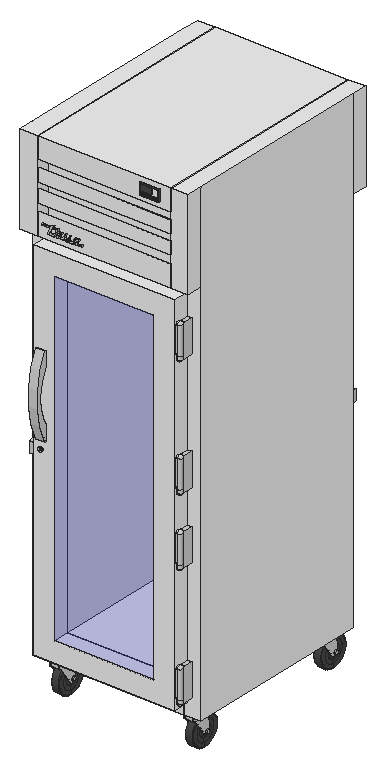
Revit family (continued)
Automatic sketch dimensions
  Extrusion 9 sketch curve to Extrusion 9 sketch curve = 0.43503"
  Extrusion 9 sketch curve to Extrusion 9 sketch curve = 0.20453"
  Extrusion 9 sketch curve to Extrusion 9 sketch curve = 1.42294"
  Extrusion 9 sketch curve to plane 5 "TOP" = 19.57271"
  Extrusion 9 sketch curve to Extrusion 9 sketch curve = 4.39928"
  Extrusion 9 sketch curve to Extrusion 9 sketch curve = 0.71221"
  Revolve 10 sketch curve to plane 4 "FRONT" = 0.26521"  (x2)
  Revolve 10 sketch curve to Revolve 10 sketch curve = 0.38242"
  Revolve 10 sketch curve to Revolve 10 sketch curve = 0.38436"
  Revolve 10 sketch curve to plane 4 "FRONT" = 43/64"
  Revolve 10 sketch curve to Revolve 10 sketch curve = 0.40666"
  Revolve 10 sketch curve to Revolve 10 sketch curve = 0"
  Revolve 10 sketch curve to plane 5 "TOP" = 18.75492"
  Revolve 10 sketch curve to Revolve 10 sketch curve = 0.55526"
  Revolve 10 sketch curve to Revolve 10 sketch curve = 0.19474"
  Revolve 10 sketch curve to Revolve 10 sketch curve = 0.14649"
  Revolve 10 sketch curve to Revolve 10 sketch curve = 4.42889"
  Revolve 10 sketch curve to Revolve 10 sketch curve = 0.05342"
  Revolve 10 sketch curve to Revolve 10 sketch curve = 0.51246"
  Revolve 10 sketch curve to Revolve 10 sketch curve = 0.05889"
  Extrusion 11 sketch curve to plane 3 "RIGHT" = 1.88366"
  Extrusion 11 sketch curve to Extrusion 11 sketch curve = 0.39759"
  Extrusion 11 sketch curve to plane 5 "TOP" = 19.6514"
  Extrusion 11 sketch curve to Extrusion 11 sketch curve = 4.47281"
  Extrusion 12 sketch curve to plane 4 "FRONT" = 11/16"
  Extrusion 12 sketch curve to Extrusion 12 sketch curve = 0.43503"
  Extrusion 12 sketch curve to Extrusion 12 sketch curve = 0.20453"
  Extrusion 12 sketch curve to Extrusion 12 sketch curve = 1.42294"
  plane 6 to Extrusion 12 sketch curve = 38.92729"
  Extrusion 12 sketch curve to Extrusion 12 sketch curve = 4.39928"
  Extrusion 12 sketch curve to Extrusion 12 sketch curve = 0.71221"
  Revolve 13 sketch curve to plane 4 "FRONT" = 0.26521"  (x2)
  Revolve 13 sketch curve to Revolve 13 sketch curve = 0.38242"
  Revolve 13 sketch curve to Revolve 13 sketch curve = 0.38436"
  Revolve 13 sketch curve to plane 4 "FRONT" = 43/64"
  Revolve 13 sketch curve to Revolve 13 sketch curve = 0.40666"
  Revolve 13 sketch curve to Revolve 13 sketch curve = 0"
  Revolve 13 sketch curve to plane 5 "TOP" = 38.25492"
  Revolve 13 sketch curve to Revolve 13 sketch curve = 0.55526"
  Revolve 13 sketch curve to Revolve 13 sketch curve = 0.19474"
  Revolve 13 sketch curve to Revolve 13 sketch curve = 0.14649"
  Revolve 13 sketch curve to Revolve 13 sketch curve = 4.42889"
  Revolve 13 sketch curve to Revolve 13 sketch curve = 0.05342"
  Revolve 13 sketch curve to Revolve 13 sketch curve = 0.51246"
  Revolve 13 sketch curve to Revolve 13 sketch curve = 0.05889"
  Extrusion 14 sketch curve to plane 3 "RIGHT" = 1.88366"
  Extrusion 14 sketch curve to Extrusion 14 sketch curve = 0.39759"
  plane 6 to Extrusion 14 sketch curve = 38.8486"
  Extrusion 14 sketch curve to Extrusion 14 sketch curve = 4.47281"
  Extrusion 15 sketch curve to plane 4 "FRONT" = 11/16"
  Extrusion 15 sketch curve to Extrusion 15 sketch curve = 0.43503"
  Extrusion 15 sketch curve to Extrusion 15 sketch curve = 0.20453"
  Extrusion 15 sketch curve to Extrusion 15 sketch curve = 1.42294"
  plane 6 to Extrusion 15 sketch curve = 27.92729"
  Extrusion 15 sketch curve to Extrusion 15 sketch curve = 4.39928"
  Extrusion 15 sketch curve to Extrusion 15 sketch curve = 0.71221"
  Revolve 16 sketch curve to plane 4 "FRONT" = 0.26521"  (x2)
  Revolve 16 sketch curve to Revolve 16 sketch curve = 0.38242"
  Revolve 16 sketch curve to Revolve 16 sketch curve = 0.38436"
  Revolve 16 sketch curve to plane 4 "FRONT" = 43/64"
  Revolve 16 sketch curve to Revolve 16 sketch curve = 0.40666"
  Revolve 16 sketch curve to Revolve 16 sketch curve = 0"
  plane 6 to Revolve 16 sketch curve = 28.74508"
  Revolve 16 sketch curve to Revolve 16 sketch curve = 0.55526"
  Revolve 16 sketch curve to Revolve 16 sketch curve = 0.19474"
  Revolve 16 sketch curve to Revolve 16 sketch curve = 0.14649"
  Revolve 16 sketch curve to Revolve 16 sketch curve = 4.42889"
  Revolve 16 sketch curve to Revolve 16 sketch curve = 0.05342"
  Revolve 16 sketch curve to Revolve 16 sketch curve = 0.51246"
  Revolve 16 sketch curve to Revolve 16 sketch curve = 0.05889"
  Extrusion 17 sketch curve to plane 3 "RIGHT" = 1.88366"
  Extrusion 17 sketch curve to Extrusion 17 sketch curve = 0.39759"
  plane 6 to Extrusion 17 sketch curve = 27.8486"
  Extrusion 17 sketch curve to Extrusion 17 sketch curve = 4.47281"
  Extrusion 18 sketch curve to plane 4 "FRONT" = 11/16"
  Extrusion 18 sketch curve to Extrusion 18 sketch curve = 0.43503"
  Extrusion 18 sketch curve to Extrusion 18 sketch curve = 0.20453"
  Extrusion 18 sketch curve to Extrusion 18 sketch curve = 1.42294"
  plane 6 to Extrusion 18 sketch curve = 8.17729"
  plane 6 to Extrusion 18 sketch curve = 3.57348"
  Extrusion 18 sketch curve to Extrusion 18 sketch curve = 0.71221"
  Revolve 19 sketch curve to plane 4 "FRONT" = 0.26521"  (x2)
  Revolve 19 sketch curve to Revolve 19 sketch curve = 0.38242"
  Revolve 19 sketch curve to Revolve 19 sketch curve = 0.38436"
  Revolve 19 sketch curve to plane 4 "FRONT" = 43/64"
  Revolve 19 sketch curve to Revolve 19 sketch curve = 0.40666"
  Revolve 19 sketch curve to Revolve 19 sketch curve = 0"
  plane 6 to Revolve 19 sketch curve = 8.99508"
  Revolve 19 sketch curve to Revolve 19 sketch curve = 0.55526"
  Revolve 19 sketch curve to Revolve 19 sketch curve = 0.19474"
  Revolve 19 sketch curve to Revolve 19 sketch curve = 0.14649"
  plane 6 to Revolve 19 sketch curve = 3.62689"
  Revolve 19 sketch curve to Revolve 19 sketch curve = 0.05342"
  Revolve 19 sketch curve to Revolve 19 sketch curve = 0.51246"
  Revolve 19 sketch curve to Revolve 19 sketch curve = 0.05889"
  Extrusion 20 sketch curve to plane 3 "RIGHT" = 1.88366"
  Extrusion 20 sketch curve to Extrusion 20 sketch curve = 0.39759"
  plane 6 to Extrusion 20 sketch curve = 8.0986"
  plane 6 to Extrusion 20 sketch curve = 3.62579"
  Revolve 21 sketch curve to plane 3 "RIGHT" = 4.35148"
  Revolve 21 sketch curve to Revolve 21 sketch curve = 0.48273"
  Revolve 21 sketch curve to Revolve 21 sketch curve = 0.4"
  Revolve 21 sketch curve to Revolve 21 sketch curve = 0"  (x2)
  Revolve 21 sketch curve to Revolve 21 sketch curve = 0.1"  (x2)
  Revolve 21 sketch curve to Revolve 21 sketch curve = 0.16101"
  Revolve 21 sketch curve to Revolve 21 sketch curve = 0.75408"
  Revolve 21 sketch curve to Revolve 21 sketch curve = 0.92798"
  Revolve 21 sketch curve to Revolve 21 sketch curve = 0.06101"
  Revolve 21 sketch curve to Revolve 21 sketch curve = 1/2"
  Revolve 21 sketch curve to Revolve 21 sketch curve = 0.16509"
  Revolve 21 sketch curve to Revolve 21 sketch curve = 0.39592"
  level to Revolve 21 sketch curve = 2 1/2"
  Revolve 21 sketch curve to Revolve 21 sketch curve = 0.29941"  (x2)
  Revolve 21 sketch curve to Revolve 21 sketch curve = 3/4"  (x4)
  Revolve 21 sketch curve to Revolve 21 sketch curve = 0.59652"
  Revolve 21 sketch curve to Revolve 21 sketch curve = 0.60059"
  Extrusion 22 sketch curve to plane 6 = 0.63926"  (x2)
  Extrusion 22 sketch curve to plane 4 "FRONT" = 3.79864"
  Extrusion 22 sketch curve to Extrusion 22 sketch curve = 1/4"  (x2)
  level to Extrusion 22 sketch curve = 2.18736"  (x2)
  Extrusion 22 sketch curve to Extrusion 22 sketch curve = 1.7492"  (x2)
  Extrusion 22 sketch curve to Extrusion 22 sketch curve = 0.50669"  (x2)
  Extrusion 22 sketch curve to Extrusion 22 sketch curve = 2 1/2"  (x2)
  level to Extrusion 22 sketch curve = 2.59003"  (x2)
  Extrusion 22 sketch curve to Extrusion 22 sketch curve = 0.59966"  (x2)
  plane 7 to Extrusion 22 sketch curve = 6.6077"
  Extrusion 22 sketch curve to Extrusion 22 sketch curve = 0.60485"  (x2)
  Extrusion 23 sketch curve to plane 6 = 0.63926"  (x2)
  Extrusion 23 sketch curve to plane 4 "FRONT" = 3.79864"
  Extrusion 23 sketch curve to Extrusion 23 sketch curve = 1/4"  (x2)
  level to Extrusion 23 sketch curve = 2.18736"  (x2)
  Extrusion 23 sketch curve to Extrusion 23 sketch curve = 1.7492"  (x2)
  Extrusion 23 sketch curve to Extrusion 23 sketch curve = 0.50669"  (x2)
  Extrusion 23 sketch curve to Extrusion 23 sketch curve = 2 1/2"  (x2)
  level to Extrusion 23 sketch curve = 2.59003"  (x2)
  Extrusion 23 sketch curve to Extrusion 23 sketch curve = 0.59966"  (x2)
  plane 7 to Extrusion 23 sketch curve = 6.6077"
  Extrusion 23 sketch curve to Extrusion 23 sketch curve = 0.60485"  (x2)
  Revolve 24 sketch curve to plane 6 = 0"
  Revolve 24 sketch curve to plane 6 = 0.63926"
  Revolve 24 sketch curve to plane 3 "RIGHT" = 4.14082"
  Revolve 24 sketch curve to Revolve 24 sketch curve = 1.29707"
  Revolve 24 sketch curve to Revolve 24 sketch curve = 0"
  Revolve 24 sketch curve to Revolve 24 sketch curve = 0.09306"
  plane 6 to Revolve 24 sketch curve = 0.26768"
  Revolve 25 sketch curve to level = 0"
  Revolve 25 sketch curve to plane 6 = 0"
  Revolve 25 sketch curve to plane 3 "RIGHT" = 4.17713"
  level to Revolve 25 sketch curve = 1"
  Revolve 25 sketch curve to plane 3 "RIGHT" = 3 19/32"
  Revolve 25 sketch curve to Revolve 25 sketch curve = 1/4"
  Revolve 25 sketch curve to Revolve 25 sketch curve = 1/2"
  Revolve 25 sketch curve to Revolve 25 sketch curve = 0"
  Revolve 25 sketch curve to Revolve 25 sketch curve = 5/8"
  plane 6 to Revolve 25 sketch curve = 1 25/32"
  Revolve 26 sketch curve to level = 0"
  Revolve 26 sketch curve to plane 6 = 0"
  Revolve 26 sketch curve to plane 3 "RIGHT" = 4.17713"
  level to Revolve 26 sketch curve = 1"
  Revolve 26 sketch curve to plane 3 "RIGHT" = 3 19/32"
  Revolve 26 sketch curve to Revolve 26 sketch curve = 1/4"
  Revolve 26 sketch curve to Revolve 26 sketch curve = 1/2"
  Revolve 26 sketch curve to Revolve 26 sketch curve = 0"
  Revolve 26 sketch curve to Revolve 26 sketch curve = 5/8"
  plane 6 to Revolve 26 sketch curve = 1 25/32"
  Revolve 27 sketch curve to plane 6 = 0"
  Revolve 27 sketch curve to plane 6 = 0.63926"
  Revolve 27 sketch curve to plane 3 "RIGHT" = 4.14082"
  Revolve 27 sketch curve to Revolve 27 sketch curve = 1.29707"
  Revolve 27 sketch curve to Revolve 27 sketch curve = 0"
  Revolve 27 sketch curve to Revolve 27 sketch curve = 0.09306"
  plane 6 to Revolve 27 sketch curve = 0.26768"
  Extrusion 28 sketch curve to plane 6 = 0.63926"  (x2)
  Extrusion 28 sketch curve to plane 4 "FRONT" = 3.79864"
  Extrusion 28 sketch curve to Extrusion 28 sketch curve = 1/4"  (x2)
  Extrusion 28 sketch curve to Extrusion 28 sketch curve = 2 1/2"  (x2)
  Extrusion 28 sketch curve to plane 6 = 0.93273"  (x2)
  Extrusion 28 sketch curve to Extrusion 28 sketch curve = 0.03603"
  plane 7 to Extrusion 28 sketch curve = 6.6077"
  Extrusion 28 sketch curve to plane 6 = 1.24411"
  Revolve 29 sketch curve to plane 3 "RIGHT" = 4.35148"
  Revolve 29 sketch curve to Revolve 29 sketch curve = 0.48273"
  Revolve 29 sketch curve to Revolve 29 sketch curve = 0.4"
  Revolve 29 sketch curve to Revolve 29 sketch curve = 0"  (x2)
  Revolve 29 sketch curve to Revolve 29 sketch curve = 0.1"  (x2)
  Revolve 29 sketch curve to Revolve 29 sketch curve = 0.16101"
  Revolve 29 sketch curve to Revolve 29 sketch curve = 0.75408"
  Revolve 29 sketch curve to Revolve 29 sketch curve = 0.92798"
  Revolve 29 sketch curve to Revolve 29 sketch curve = 0.06101"
  Revolve 29 sketch curve to Revolve 29 sketch curve = 1/2"
  Revolve 29 sketch curve to Revolve 29 sketch curve = 0.16509"
  Revolve 29 sketch curve to Revolve 29 sketch curve = 0.39592"
  level to Revolve 29 sketch curve = 2 1/2"
  Revolve 29 sketch curve to Revolve 29 sketch curve = 0.29941"  (x2)
  Revolve 29 sketch curve to Revolve 29 sketch curve = 3/4"  (x4)
  Revolve 29 sketch curve to Revolve 29 sketch curve = 0.59652"
  Revolve 29 sketch curve to Revolve 29 sketch curve = 0.60059"
  plane 2 "LEFT" to Revolve 30 sketch curve = 1.33602"
  Revolve 30 sketch curve to Revolve 30 sketch curve = 0.48273"
  Revolve 30 sketch curve to Revolve 30 sketch curve = 0.4"
  Revolve 30 sketch curve to Revolve 30 sketch curve = 0"  (x2)
  Revolve 30 sketch curve to Revolve 30 sketch curve = 0.1"  (x2)
  Revolve 30 sketch curve to Revolve 30 sketch curve = 0.16101"
  Revolve 30 sketch curve to Revolve 30 sketch curve = 0.75408"
  Revolve 30 sketch curve to Revolve 30 sketch curve = 0.92798"
  Revolve 30 sketch curve to Revolve 30 sketch curve = 0.06101"
  Revolve 30 sketch curve to Revolve 30 sketch curve = 1/2"
  Revolve 30 sketch curve to Revolve 30 sketch curve = 0.16509"
  Revolve 30 sketch curve to Revolve 30 sketch curve = 0.39592"
  level to Revolve 30 sketch curve = 2 1/2"
  Revolve 30 sketch curve to Revolve 30 sketch curve = 0.29941"  (x2)
  Revolve 30 sketch curve to Revolve 30 sketch curve = 3/4"  (x4)
  Revolve 30 sketch curve to Revolve 30 sketch curve = 0.59652"
  Revolve 30 sketch curve to Revolve 30 sketch curve = 0.60059"
  Extrusion 31 sketch curve to plane 6 = 0.63926"  (x2)
  Extrusion 31 sketch curve to plane 4 "FRONT" = 3.79864"
  Extrusion 31 sketch curve to Extrusion 31 sketch curve = 1/4"  (x2)
  level to Extrusion 31 sketch curve = 2.18736"  (x2)
  Extrusion 31 sketch curve to Extrusion 31 sketch curve = 1.7492"  (x2)
  Extrusion 31 sketch curve to Extrusion 31 sketch curve = 0.50669"  (x2)
  Extrusion 31 sketch curve to Extrusion 31 sketch curve = 2 1/2"  (x2)
  level to Extrusion 31 sketch curve = 2.59003"  (x2)
  Extrusion 31 sketch curve to Extrusion 31 sketch curve = 0.59966"  (x2)
  plane 7 to Extrusion 31 sketch curve = 6.6077"
  Extrusion 31 sketch curve to Extrusion 31 sketch curve = 0.60485"  (x2)
  Extrusion 32 sketch curve to plane 6 = 0.63926"  (x2)
  Extrusion 32 sketch curve to plane 4 "FRONT" = 3.79864"
  Extrusion 32 sketch curve to Extrusion 32 sketch curve = 1/4"  (x2)
  level to Extrusion 32 sketch curve = 2.18736"  (x2)
  Extrusion 32 sketch curve to Extrusion 32 sketch curve = 1.7492"  (x2)
  Extrusion 32 sketch curve to Extrusion 32 sketch curve = 0.50669"  (x2)
  Extrusion 32 sketch curve to Extrusion 32 sketch curve = 2 1/2"  (x2)
  level to Extrusion 32 sketch curve = 2.59003"  (x2)
  Extrusion 32 sketch curve to Extrusion 32 sketch curve = 0.59966"  (x2)
  plane 7 to Extrusion 32 sketch curve = 6.6077"
  Extrusion 32 sketch curve to Extrusion 32 sketch curve = 0.60485"  (x2)
  Revolve 33 sketch curve to plane 6 = 0"
  Revolve 33 sketch curve to plane 6 = 0.63926"
  plane 2 "LEFT" to Revolve 33 sketch curve = 1.54668"
  Revolve 33 sketch curve to Revolve 33 sketch curve = 1.29707"
  Revolve 33 sketch curve to Revolve 33 sketch curve = 0"
  Revolve 33 sketch curve to Revolve 33 sketch curve = 0.09306"
  plane 6 to Revolve 33 sketch curve = 0.26768"
  Revolve 34 sketch curve to level = 0"
  Revolve 34 sketch curve to plane 6 = 0"
  plane 2 "LEFT" to Revolve 34 sketch curve = 1.51037"
  level to Revolve 34 sketch curve = 1"
  plane 2 "LEFT" to Revolve 34 sketch curve = 2 3/32"
  Revolve 34 sketch curve to Revolve 34 sketch curve = 1/4"
  Revolve 34 sketch curve to Revolve 34 sketch curve = 1/2"
  Revolve 34 sketch curve to Revolve 34 sketch curve = 0"
  Revolve 34 sketch curve to Revolve 34 sketch curve = 5/8"
  plane 6 to Revolve 34 sketch curve = 1 25/32"
  Revolve 35 sketch curve to level = 0"
  Revolve 35 sketch curve to plane 6 = 0"
  plane 2 "LEFT" to Revolve 35 sketch curve = 1.51037"
  level to Revolve 35 sketch curve = 1"
  plane 2 "LEFT" to Revolve 35 sketch curve = 2 3/32"
  Revolve 35 sketch curve to Revolve 35 sketch curve = 1/4"
  Revolve 35 sketch curve to Revolve 35 sketch curve = 1/2"
  Revolve 35 sketch curve to Revolve 35 sketch curve = 0"
  Revolve 35 sketch curve to Revolve 35 sketch curve = 5/8"
  plane 6 to Revolve 35 sketch curve = 1 25/32"
  Revolve 36 sketch curve to plane 6 = 0"
  Revolve 36 sketch curve to plane 6 = 0.63926"
  plane 2 "LEFT" to Revolve 36 sketch curve = 1.54668"
  Revolve 36 sketch curve to Revolve 36 sketch curve = 1.29707"
  Revolve 36 sketch curve to Revolve 36 sketch curve = 0"
  Revolve 36 sketch curve to Revolve 36 sketch curve = 0.09306"
  plane 6 to Revolve 36 sketch curve = 0.26768"
  Extrusion 37 sketch curve to plane 6 = 0.63926"  (x2)
  Extrusion 37 sketch curve to plane 4 "FRONT" = 3.79864"
  Extrusion 37 sketch curve to Extrusion 37 sketch curve = 1/4"  (x2)
  Extrusion 37 sketch curve to Extrusion 37 sketch curve = 2 1/2"  (x2)
  Extrusion 37 sketch curve to plane 6 = 0.93273"  (x2)
  Extrusion 37 sketch curve to Extrusion 37 sketch curve = 0.03603"
  plane 7 to Extrusion 37 sketch curve = 6.6077"
  Extrusion 37 sketch curve to plane 6 = 1.24411"
  plane 2 "LEFT" to Revolve 38 sketch curve = 1.33602"
  Revolve 38 sketch curve to Revolve 38 sketch curve = 0.48273"
  Revolve 38 sketch curve to Revolve 38 sketch curve = 0.4"
  Revolve 38 sketch curve to Revolve 38 sketch curve = 0"  (x2)
  Revolve 38 sketch curve to Revolve 38 sketch curve = 0.1"  (x2)
  Revolve 38 sketch curve to Revolve 38 sketch curve = 0.16101"
  Revolve 38 sketch curve to Revolve 38 sketch curve = 0.75408"
  Revolve 38 sketch curve to Revolve 38 sketch curve = 0.92798"
  Revolve 38 sketch curve to Revolve 38 sketch curve = 0.06101"
  Revolve 38 sketch curve to Revolve 38 sketch curve = 1/2"
  Revolve 38 sketch curve to Revolve 38 sketch curve = 0.16509"
  Revolve 38 sketch curve to Revolve 38 sketch curve = 0.39592"
  level to Revolve 38 sketch curve = 2 1/2"
  Revolve 38 sketch curve to Revolve 38 sketch curve = 0.29941"  (x2)
  Revolve 38 sketch curve to Revolve 38 sketch curve = 3/4"  (x4)
  Revolve 38 sketch curve to Revolve 38 sketch curve = 0.59652"
  Revolve 38 sketch curve to Revolve 38 sketch curve = 0.60059"
  Extrusion 39 sketch curve to plane 3 "RIGHT" = 2 55/64"
  Extrusion 39 sketch curve to plane 3 "RIGHT" = 3/64"
  plane 7 to Extrusion 39 sketch curve = 2 3/4"
  plane 7 to Extrusion 39 sketch curve = 3/16"
  plane 2 "LEFT" to Extrusion 40 sketch curve = 3/64"
  plane 7 to Extrusion 40 sketch curve = 3/16"
  Extrusion 40 sketch curve to Extrusion 40 sketch curve = 2 13/16"
  Extrusion 40 sketch curve to Extrusion 40 sketch curve = 2 9/16"
  plane 7 to Extrusion 41 sketch curve = 0.67295"
  Extrusion 41 sketch curve to Extrusion 41 sketch curve = 0.43503"
  Extrusion 41 sketch curve to Extrusion 41 sketch curve = 0.20453"
  Extrusion 41 sketch curve to Extrusion 41 sketch curve = 1 7/16"
  Extrusion 41 sketch curve to plane 5 "TOP" = 19.57271"
  Extrusion 41 sketch curve to Extrusion 41 sketch curve = 4.39928"
  Extrusion 41 sketch curve to Extrusion 41 sketch curve = 0.71221"
  plane 7 to Revolve 42 sketch curve = 0.25067"  (x2)
  Revolve 42 sketch curve to Revolve 42 sketch curve = 0.38242"
  Revolve 42 sketch curve to Revolve 42 sketch curve = 0.38436"
  plane 7 to Revolve 42 sketch curve = 0.65733"
  Revolve 42 sketch curve to Revolve 42 sketch curve = 0.40666"
  Revolve 42 sketch curve to Revolve 42 sketch curve = 0"
  Revolve 42 sketch curve to plane 5 "TOP" = 18.75492"
  Revolve 42 sketch curve to Revolve 42 sketch curve = 0.55526"
  Revolve 42 sketch curve to Revolve 42 sketch curve = 0.19474"
  Revolve 42 sketch curve to Revolve 42 sketch curve = 0.14649"
  Revolve 42 sketch curve to Revolve 42 sketch curve = 4.42889"
  Revolve 42 sketch curve to Revolve 42 sketch curve = 0.05342"
  Revolve 42 sketch curve to Revolve 42 sketch curve = 0.51246"
  Revolve 42 sketch curve to Revolve 42 sketch curve = 0.05889"
  plane 2 "LEFT" to Extrusion 43 sketch curve = 1.88366"
  Extrusion 43 sketch curve to Extrusion 43 sketch curve = 0.39759"
  Extrusion 43 sketch curve to plane 5 "TOP" = 19.6514"
  Extrusion 43 sketch curve to Extrusion 43 sketch curve = 4.47281"
  plane 7 to Extrusion 44 sketch curve = 0.67295"
  Extrusion 44 sketch curve to Extrusion 44 sketch curve = 0.43503"
  Extrusion 44 sketch curve to Extrusion 44 sketch curve = 0.20453"
  Extrusion 44 sketch curve to Extrusion 44 sketch curve = 1 7/16"
  plane 6 to Extrusion 44 sketch curve = 38.92729"
  Extrusion 44 sketch curve to Extrusion 44 sketch curve = 4.39928"
  Extrusion 44 sketch curve to Extrusion 44 sketch curve = 0.71221"
  plane 7 to Revolve 45 sketch curve = 0.25067"  (x2)
  Revolve 45 sketch curve to Revolve 45 sketch curve = 0.38242"
  Revolve 45 sketch curve to Revolve 45 sketch curve = 0.38436"
  plane 7 to Revolve 45 sketch curve = 0.65733"
  Revolve 45 sketch curve to Revolve 45 sketch curve = 0.40666"
  Revolve 45 sketch curve to Revolve 45 sketch curve = 0"
  Revolve 45 sketch curve to plane 5 "TOP" = 38.25492"
  Revolve 45 sketch curve to Revolve 45 sketch curve = 0.55526"
  Revolve 45 sketch curve to Revolve 45 sketch curve = 0.19474"
  Revolve 45 sketch curve to Revolve 45 sketch curve = 0.14649"
  Revolve 45 sketch curve to Revolve 45 sketch curve = 4.42889"
  Revolve 45 sketch curve to Revolve 45 sketch curve = 0.05342"
  Revolve 45 sketch curve to Revolve 45 sketch curve = 0.51246"
  Revolve 45 sketch curve to Revolve 45 sketch curve = 0.05889"
  plane 2 "LEFT" to Extrusion 46 sketch curve = 1.88366"
  Extrusion 46 sketch curve to Extrusion 46 sketch curve = 0.39759"
  plane 6 to Extrusion 46 sketch curve = 38.8486"
  Extrusion 46 sketch curve to Extrusion 46 sketch curve = 4.47281"
  plane 7 to Extrusion 47 sketch curve = 0.67295"
  Extrusion 47 sketch curve to Extrusion 47 sketch curve = 0.43503"
  Extrusion 47 sketch curve to Extrusion 47 sketch curve = 0.20453"
  Extrusion 47 sketch curve to Extrusion 47 sketch curve = 1 7/16"
  plane 6 to Extrusion 47 sketch curve = 27.92729"
  Extrusion 47 sketch curve to Extrusion 47 sketch curve = 4.39928"
  Extrusion 47 sketch curve to Extrusion 47 sketch curve = 0.71221"
  plane 7 to Revolve 48 sketch curve = 0.25066"  (x2)
  Revolve 48 sketch curve to Revolve 48 sketch curve = 0.38242"
  Revolve 48 sketch curve to Revolve 48 sketch curve = 0.38436"
  plane 7 to Revolve 48 sketch curve = 0.65733"
  Revolve 48 sketch curve to Revolve 48 sketch curve = 0.40666"
  Revolve 48 sketch curve to Revolve 48 sketch curve = 0"
  plane 6 to Revolve 48 sketch curve = 28.74508"
  Revolve 48 sketch curve to Revolve 48 sketch curve = 0.55526"
  Revolve 48 sketch curve to Revolve 48 sketch curve = 0.19474"
  Revolve 48 sketch curve to Revolve 48 sketch curve = 0.14649"
  Revolve 48 sketch curve to Revolve 48 sketch curve = 4.42889"
  Revolve 48 sketch curve to Revolve 48 sketch curve = 0.05342"
  Revolve 48 sketch curve to Revolve 48 sketch curve = 0.51246"
  Revolve 48 sketch curve to Revolve 48 sketch curve = 0.05889"
  plane 2 "LEFT" to Extrusion 49 sketch curve = 1.88366"
  Extrusion 49 sketch curve to Extrusion 49 sketch curve = 0.39759"
  plane 6 to Extrusion 49 sketch curve = 27.8486"
  Extrusion 49 sketch curve to Extrusion 49 sketch curve = 4.47281"
  plane 7 to Extrusion 50 sketch curve = 0.67295"
  Extrusion 50 sketch curve to Extrusion 50 sketch curve = 0.43503"
  Extrusion 50 sketch curve to Extrusion 50 sketch curve = 0.20453"
  Extrusion 50 sketch curve to Extrusion 50 sketch curve = 1 7/16"
  plane 6 to Extrusion 50 sketch curve = 8.17729"
  plane 6 to Extrusion 50 sketch curve = 3.57348"
  Extrusion 50 sketch curve to Extrusion 50 sketch curve = 0.71221"
  plane 7 to Revolve 51 sketch curve = 0.25066"  (x2)
  Revolve 51 sketch curve to Revolve 51 sketch curve = 0.38242"
  Revolve 51 sketch curve to Revolve 51 sketch curve = 0.38436"
  plane 7 to Revolve 51 sketch curve = 0.65733"
  Revolve 51 sketch curve to Revolve 51 sketch curve = 0.40666"
  Revolve 51 sketch curve to Revolve 51 sketch curve = 0"
  plane 6 to Revolve 51 sketch curve = 8.99508"
  Revolve 51 sketch curve to Revolve 51 sketch curve = 0.55526"
  Revolve 51 sketch curve to Revolve 51 sketch curve = 0.19474"
  Revolve 51 sketch curve to Revolve 51 sketch curve = 0.14649"
  plane 6 to Revolve 51 sketch curve = 3.62689"
  Revolve 51 sketch curve to Revolve 51 sketch curve = 0.05342"
  Revolve 51 sketch curve to Revolve 51 sketch curve = 0.51246"
  Revolve 51 sketch curve to Revolve 51 sketch curve = 0.05889"
  plane 2 "LEFT" to Extrusion 52 sketch curve = 1.88366"
  Extrusion 52 sketch curve to Extrusion 52 sketch curve = 0.39759"
  plane 6 to Extrusion 52 sketch curve = 8.0986"
  plane 6 to Extrusion 52 sketch curve = 3.62579"
  Blend 53 sketch curve to plane 3 "RIGHT" = 2 9/32"  (x2)
  Blend 53 sketch curve to Blend 53 sketch curve = 3/4"
  plane 6 to Blend 53 sketch curve = 33.35643"
  Blend 53 sketch curve to Blend 53 sketch curve = 1 3/4"
  Blend 53 sketch curve to Blend 53 sketch curve = 0.93223"
  plane 6 to Blend 53 sketch curve = 33.79117"
  Blend 53 sketch curve to Blend 53 sketch curve = 2.78233"
  Extrusion 54 sketch curve to plane 5 "TOP" = 2.55982"
  Extrusion 54 sketch curve to plane 3 "RIGHT" = 7.7246"
  Extrusion 54 sketch curve to Extrusion 54 sketch curve = 2 29/32"
  Extrusion 54 sketch curve to plane 5 "TOP" = 13/16"
  Extrusion 55 sketch curve to plane 5 "TOP" = 3/4"
  Extrusion 55 sketch curve to plane 3 "RIGHT" = 7.7871"
  Extrusion 55 sketch curve to Extrusion 55 sketch curve = 1/16"  (x4)
  Extrusion 55 sketch curve to Extrusion 55 sketch curve = 0.1375"  (x2)
  Extrusion 55 sketch curve to Extrusion 55 sketch curve = 1/4"  (x4)
  Extrusion 55 sketch curve to Extrusion 55 sketch curve = 0.44601"
  Extrusion 55 sketch curve to Extrusion 55 sketch curve = 1/2"  (x2)
  Extrusion 55 sketch curve to Extrusion 55 sketch curve = 0.0035"
  Extrusion 55 sketch curve to Extrusion 55 sketch curve = 1.06923"
  Extrusion 55 sketch curve to plane 5 "TOP" = 0.95"
  Extrusion 55 sketch curve to Extrusion 55 sketch curve = 1"
  Extrusion 55 sketch curve to Extrusion 55 sketch curve = 0.34106"  (x3)
  Extrusion 55 sketch curve to Extrusion 55 sketch curve = 0"
  Extrusion 55 sketch curve to Extrusion 55 sketch curve = 0.26876"
  plane 7 to Extrusion 56 sketch curve = 3/16"
  plane 2 "LEFT" to Extrusion 56 sketch curve = 2 9/32"  (x2)
  Extrusion 56 sketch curve to plane 4 "FRONT" = 3/16"
  Extrusion 56 sketch curve to Extrusion 56 sketch curve = 0.01713"
  Extrusion 56 sketch curve to plane 4 "FRONT" = 0.06697"
  Extrusion 56 sketch curve to plane 3 "RIGHT" = 2.30833"
  Extrusion 56 sketch curve to Extrusion 56 sketch curve = 0.02708"
  Extrusion 56 sketch curve to plane 3 "RIGHT" = 2 9/32"
  plane 7 to Extrusion 56 sketch curve = 0.07688"
  plane 2 "LEFT" to Extrusion 57 sketch curve = 2 9/32"
  Extrusion 57 sketch curve to plane 3 "RIGHT" = 2 9/32"
  Extrusion 57 sketch curve to plane 5 "TOP" = 16 5/32"
  plane 6 to Extrusion 57 sketch curve = 1 29/32"
  plane 2 "LEFT" to Extrusion 58 sketch curve = 2 9/32"
  Extrusion 58 sketch curve to Extrusion 58 sketch curve = 3 11/32"  (x3)
  Extrusion 58 sketch curve to plane 3 "RIGHT" = 5 5/8"
  Extrusion 58 sketch curve to plane 3 "RIGHT" = 2 9/32"
  plane 6 to Extrusion 58 sketch curve = 1 29/32"
  Extrusion 58 sketch curve to plane 5 "TOP" = 19 1/2"
  plane 2 "LEFT" to Extrusion 59 sketch curve = 5 5/8"
  Extrusion 59 sketch curve to plane 3 "RIGHT" = 5 5/8"
  plane 6 to Extrusion 59 sketch curve = 5 1/4"
  Extrusion 59 sketch curve to plane 5 "TOP" = 19 1/2"
  plane 7 to Extrusion 60 sketch curve = 3/16"  (x2)
  Extrusion 60 sketch curve to plane 3 "RIGHT" = 6.95"
  Extrusion 60 sketch curve to Extrusion 60 sketch curve = 2.37851"  (x2)
  Extrusion 60 sketch curve to Extrusion 60 sketch curve = 4.42149"
  Extrusion 60 sketch curve to Extrusion 60 sketch curve = 0"
  Extrusion 60 sketch curve to plane 7 = 0.0247"
  plane 7 to Extrusion 60 sketch curve = 7.95429"
  Extrusion 60 sketch curve to Extrusion 60 sketch curve = 7.30945"
  Extrusion 61 sketch curve to plane 3 "RIGHT" = 3.04215"
  Extrusion 61 sketch curve to Extrusion 61 sketch curve = 0.02035"
  Extrusion 61 sketch curve to Extrusion 61 sketch curve = 0.0555"
  plane 6 to Extrusion 61 sketch curve = 31.58145"
  Extrusion 61 sketch curve to Extrusion 61 sketch curve = 0.29355"
  Extrusion 61 sketch curve to Extrusion 61 sketch curve = 0.27385"
  plane 4 "FRONT" to Extrusion 62 sketch curve = 0.02083"  (x2)
  Extrusion 62 sketch curve to plane 4 "FRONT" = 3/16"  (x2)
  Extrusion 62 sketch curve to plane 4 "FRONT" = 7.38715"
  Extrusion 62 sketch curve to Extrusion 62 sketch curve = 7 49/256"
  plane 6 to Extrusion 62 sketch curve = 33.80224"
  Extrusion 62 sketch curve to Extrusion 62 sketch curve = 2.38595"
  Extrusion 62 sketch curve to Extrusion 62 sketch curve = 4.27543"
  Extrusion 62 sketch curve to Extrusion 62 sketch curve = 0"
  plane 2 "LEFT" to Extrusion 63 sketch curve = 3.35465"
  Extrusion 63 sketch curve to Extrusion 63 sketch curve = 0.02035"
  Extrusion 63 sketch curve to Extrusion 63 sketch curve = 0.0555"
  plane 6 to Extrusion 63 sketch curve = 32.13369"
  Extrusion 63 sketch curve to Extrusion 63 sketch curve = 0.29355"
  Extrusion 63 sketch curve to Extrusion 63 sketch curve = 0.27385"
  plane 2 "LEFT" to Extrusion 64 sketch curve = 2 27/32"
  Extrusion 64 sketch curve to plane 4 "FRONT" = 5.09023"
  plane 2 "LEFT" to Extrusion 65 sketch curve = 2 27/32"
  plane 7 to Extrusion 65 sketch curve = 5.44102"
  Extrusion 66 sketch curve to plane 3 "RIGHT" = 2 27/32"
  plane 7 to Extrusion 66 sketch curve = 5.44102"
  Extrusion 67 sketch curve to plane 3 "RIGHT" = 2 27/32"
  Extrusion 67 sketch curve to plane 4 "FRONT" = 5.09023"
  curve 1 to plane 2 "LEFT" = 0"
  plane 4 "FRONT" to curve 9 = 0"
  plane 7 to curve 14 = 0"
  plane 4 "FRONT" to curve 13 = 0"
  curve 7 to plane 3 "RIGHT" = 0"
  plane 2 "LEFT" to curve 27 = 1.05276"
  plane 2 "LEFT" to curve 19 = 1.05276"
  curve 26 to curve 27 = 1.08606"
  curve 18 to curve 20 = 1.08606"
  curve 33 to plane 4 "FRONT" = 3/16"
  curve 2 to curve 33 = 2 9/32"
  plane 2 "LEFT" to curve 34 = 2 9/32"
  curve 34 to curve 35 = 0.01713"
  curve 33 to curve 41 = 7/16"
  plane 2 "LEFT" to curve 17 = 3.55276"
  plane 2 "LEFT" to curve 26 = 3.55276"
  curve 42 to curve 9 = 0.97082"
  curve 9 to curve 39 = 0.52918"
  curve 38 to plane 7 = 0.0247"
  curve 25 to curve 38 = 2.31118"
  curve 42 to curve 10 = 6.11549"
  curve 38 to curve 37 = 2.37851"
  curve 36 to plane 3 "RIGHT" = 13 3/4"
  curve 37 to curve 36 = 0"
  curve 11 to plane 3 "RIGHT" = 7.7871"
  curve 14 to curve 37 = 0.65878"
  curve 11 to curve 13 = 3 1/32"
  curve 30 to plane 3 "RIGHT" = 4.63474"
  curve 12 to curve 22 = 31/256"
  curve 36 to plane 7 = 0.0247"
  curve 36 to curve 15 = 3.26043"
  curve 22 to curve 24 = 1.08606"
  curve 30 to curve 32 = 1.08606"
  curve 33 to plane 4 "FRONT" = 0.06697"
  curve 33 to plane 3 "RIGHT" = 2.30833"
  curve 33 to plane 3 "RIGHT" = 2 9/32"
  curve 15 to curve 35 = 1.40832"
  curve 21 to plane 3 "RIGHT" = 2.13474"
  curve 29 to plane 3 "RIGHT" = 2.13474"
  plane 4 "FRONT" to curve 40 = 1 15/32"
  plane 4 "FRONT" to curve 42 = 0.02083"
  curve 3 to curve 5 = 2 9/16"
  curve 5 to curve 24 = 1.14642"
  curve 5 to curve 19 = 1.14642"
  curve 23 to curve 23 = 0.62704"
  curve 19 to curve 19 = 0.62704"
  curve 36 to curve 37 = 7.30945"
  curve 28 to curve 34 = 8.66608"
  curve 31 to curve 37 = 0.89929"
  curve 27 to curve 27 = 0.62704"
  curve 31 to curve 31 = 0.62704"
  curve 29 to curve 1 = 1 99/128"
  plane 7 to curve 35 = 0.07688"
  curve 14 to curve 36 = 3.38424"
  plane 7 to curve 36 = 15.26375"
  radius of Extrusion 7 sketch curve = 1/4"
  radius of Extrusion 61 sketch curve = 0.35"
  radius of Extrusion 63 sketch curve = 0.35"
  radius of Extrusion 64 sketch curve = 1 1/2"
  radius of Extrusion 65 sketch curve = 1 1/2"
  radius of Extrusion 66 sketch curve = 1 1/2"
  radius of Extrusion 67 sketch curve = 1 1/2"
Connectors (in)
  electrical at (24.25, 2.5625, 82), driven by "Volts", driven by "Watts"
    settings: on Extrusion 7, index 1, voltage 208 V, apparent load 1500 VA, apparent load phase1 0 VA, apparent load phase2 0 VA, apparent load phase3 0 VA, power factor 1, load classification "Other", number of poles 1, system type 30, power factor state 1, is connector primary yes, connector utility no, sub classification motor no, connector description "Electrical Connection"
